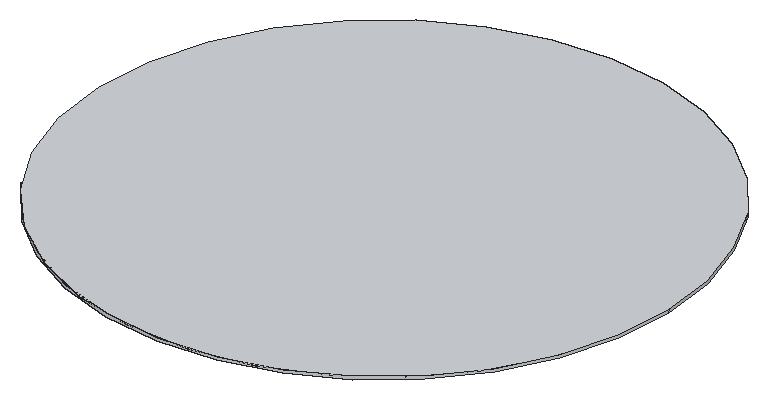
Revit family "SC-Survey_Point", category Generic Models, Revit 2019
Family settings
  Can host rebar = No
  Round Connector Dimension = Use Diameter
  Part Type = Normal
  Work Plane-Based = No
  Always vertical = Yes
  Cut with Voids When Loaded = No
  Shared = No
  Room Calculation Point = No
Parameters
  Z [instance] = 0 mm
  Radius = 200 mm
  CrossHairSize = 1000 mm
Reference planes
  plane 1 "Center (Front/Back)": y = 0
  plane 2: z = 0
  plane 3 "Center (Left/Right)": x = 0
  plane 4 "Base": z = 0
  plane 5: x = -500
  plane 6: x = 500
  plane 7: y = 500
  plane 8: y = -500
Forms (mm)
  Extrusion 1, solid
    sketch origin (0, 0, 0) x (1, 0, 0) y (0, 1, 0)
      loop
        circle (0, 0) r 200
    from -2 to 0
Lines and regions (mm)
  model lines
    curve 1: circle (0, 0, 0) r 200 normal (0, 0, 1)
    curve 2: line (0, 500, 0) -> (0, 0, 0)
    curve 3: line (-500, 0, 0) -> (0, 0, 0)
    curve 4: line (0, 0, 0) -> (500, 0, 0)
    curve 5: line (0, 0, 0) -> (0, -500, 0)
Dimensions and locks
  "Z": plane 2 to plane 4 "Base"
  equal spacing: plane 5, plane 3 "Center (Left/Right)", plane 6
  equal spacing: plane 7, plane 1 "Center (Front/Back)", plane 8
  "CrossHairSize": plane 7 to plane 8
  "CrossHairSize": plane 5 to plane 6
  "Radius": radius of Extrusion 1 sketch curve
  "Radius": radius of curve 1
  aligned and locked: level to plane 2
  aligned and locked: plane 6 to curve 4
  aligned and locked: plane 5 to curve 3
  aligned and locked: plane 8 to curve 5
  aligned and locked: plane 3 "Center (Left/Right)" to curve 4
  aligned and locked: plane 1 "Center (Front/Back)" to curve 5
Automatic sketch dimensions
  plane 1 "Center (Front/Back)" to curve 1 = 0 mm
  curve 1 to plane 3 "Center (Left/Right)" = 0 mm
  curve 2 to plane 7 = 0 mm
  plane 1 "Center (Front/Back)" to Extrusion 1 sketch curve = 0 mm
  Extrusion 1 sketch curve to plane 3 "Center (Left/Right)" = 0 mm
